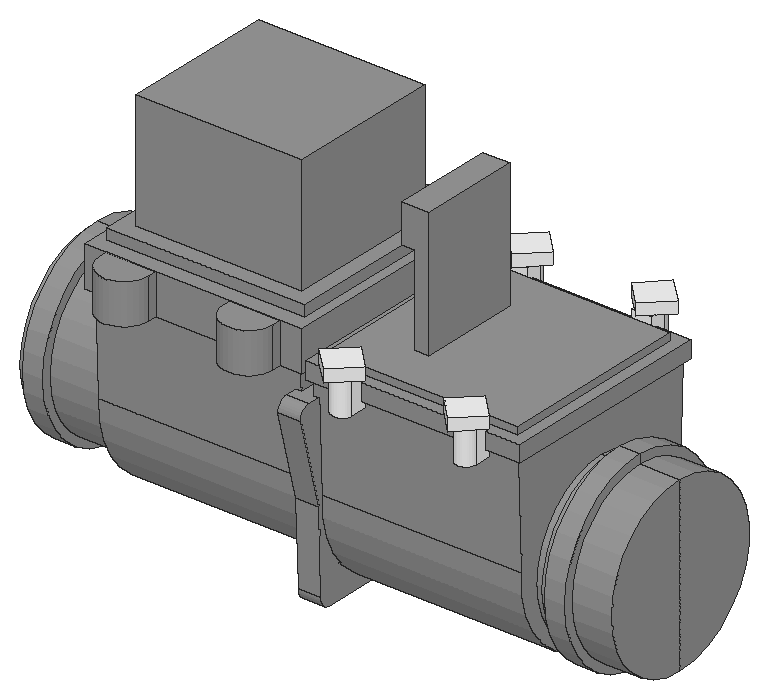
Revit family "HL_Механический канализационный затвор_HL715.2EPC", category Příslušenství trubek, Revit 2016
Family settings
  Typ součásti = Normální
  Kóta kulaté spojky = Použít průměr
  Číslo OmniClass = 23.65.55.14.21
  Nadpis OmniClass = Non-Return Valves for Liquid Services
  Založené na pracovní rovině = Ne
  Vždy vertikální = Ano
  Ořezat dutým tvarem při načtení = Ne
  Sdílené = Ne
Parameters
  РАЗМЕР = "DN160"
  ПРОПУСКНАЯ СПОСОБНОСТЬ [instance] = 0.0 m³/h
  ПРАВОВАЯ ИНФОРМАЦИЯ = "\"Copyright (©), design rights or any other intellectual property rights, shall be the exclusive property of HL Hutterer & Lechner GmbH. Modification is not allowed. Family has been watermarked.\""
  ПАДЕНИЕ ДАВЛЕНИЯ [instance] = 0.0 Pa
  НОМИНАЛЬНЫЙ ДИАМЕТР 2 = 160 mm
  НОМИНАЛЬНЫЙ ДИАМЕТР = 160 mm
  МАТЕРИАЛ = "ABS"
  ВЫСОТА МОНТАЖА = "355 mm"
  ВЕС = "8,3 kg"
  Výrobce = "HL Hutterer & Lechner GmbH"
  URL = "http://www.hutterer-lechner.com/en/products/catalog/roof-drains/HL715.2EPC.aspx"
  Description = "Anti flood valves"
  Model = "HL715.2EPC"
  Type Comments = "anti-flood valve DN160 with electronically controlled flap, additional stainless steel flap and manual blocking. With interface"
  Keynote = "HL715.2EPC"
  EAN = "9003076011643"
  Cena = 0
Types (2, lengths in mm): name | ПРАВОВАЯ ИНФОРМАЦИЯ | URL | Description | Type Comments
  (no name) | "\"Copyright (©), design rights or any other intellectual property rights, shall be the exclusive property of HL Hutterer & Lechner GmbH. Modification is not allowed. Family has been watermarked.\"" | "http://www.hutterer-lechner.com/en/products/catalog/roof-drains/HL715.2EPC.aspx" | "Anti flood valves" | "anti-flood valve DN160 with electronically controlled flap, additional stainless steel flap and manual blocking. With interface"
  HL_Механический канализационный затвор_HL715.2EPC | "\"Авторские права(©), права на дизайн или какие либо другие права интелектуальной собственности являются исключительной собственностью компании HL Hutterer & Lechner. Изменению не подлежит. Файл семейства с данными о прозводителе изделия защищен паролем с водяным знаком.\"" | "http://www.hutterer-lechner.com/ru/products/catalog/roof-drains/HL715.2EPC.aspx" | "Механический канализационный затвор" | "Механический магистральный канализационный затвор DN160 с электроприводной заслонкой, с дополнительной заслонкой из нержавеющей стали и ручным затвором . С возможностью подключения к компьютеру."
Reference planes
  plane 1 "Střed (vpředu/vzadu)": y = 0
  plane 2: z = 0
  plane 3 "Střed (vlevo/vpravo)": x = 0
Forms (mm)
  Sweep 1, solid, material "Plastic - Orange", detail levels fine
    path origin (323.75, 0, 124.666) x (1, 0, 0) y (0, 0, 1)
      loop
        line (101.5, -24) -> (-101.443, -24)
    profile origin (323.778, 0, 100.666) x (0, 0, -1) y (0, -1, 0)
      loop
        line (-0.5, 0) -> (-0.5, -101.455) -> (102.291, -97.866)
        arc (102.291, -97.866) -> (176.057, -71.881) -> (206.874, 0) r 97.308
        arc (206.874, 0) -> (176.057, 71.881) -> (102.291, 97.866) r 97.308
        line (102.291, 97.866) -> (-0.5, 101.455) -> (-0.5, 0)
  Extrusion 2, solid, material "Plastic - Orange", detail levels fine
    sketch origin (425.25, 0, 101.166) x (-1, 0, 0) y (0, -1, 0)
      loop
        line (-4.2, 105.7) -> (-4.2, -105.7) -> (207.2, -105.7) -> (207.2, 105.7) -> (-4.2, 105.7)
    from 0 to 16.5
  Extrusion 3, solid, material "Plastic - Orange", detail levels fine
    sketch origin (425.25, 0, 117.666) x (-1, 0, 0) y (0, -1, 0)
      loop
        line (196, -94.5) -> (196, 94.5) -> (7, 94.5) -> (7, -94.5) -> (196, -94.5)
    from 0 to 7
  Extrusion 4, solid, material "Plactic - White", detail levels fine
    sketch origin (323.75, 0, 124.666) x (1, 0, 0) y (0, 1, 0)
      loop
        line (71.5, -101.158) -> (51.5, -101.158) -> (51.5, -116.5)
        arc (51.5, -116.5) -> (61.5, -126.5) -> (71.5, -116.5) r 10
        line (71.5, -116.5) -> (71.5, -101.158)
    from -32 to 3.735
  Extrusion 5, solid, material "Plactic - White", detail levels fine
    sketch origin (323.75, 0, 128.401) x (1, 0, 0) y (0, 1, 0)
      loop
        line (84.127, -116.5) -> (61.5, -93.873) -> (38.873, -116.5) -> (61.5, -139.127) -> (84.127, -116.5)
    from 0 to 12
  Extrusion 6, solid, material "Plactic - White", detail levels fine
    sketch origin (200.75, 0, 124.666) x (1, 0, 0) y (0, 1, 0)
      loop
        line (71.5, -101.158) -> (51.5, -101.158) -> (51.5, -116.5)
        arc (51.5, -116.5) -> (61.5, -126.5) -> (71.5, -116.5) r 10
        line (71.5, -116.5) -> (71.5, -101.158)
    from -32 to 3.735
  Extrusion 7, solid, material "Plactic - White", detail levels fine
    sketch origin (200.75, 0, 128.401) x (1, 0, 0) y (0, 1, 0)
      loop
        line (84.127, -116.5) -> (61.5, -93.873) -> (38.873, -116.5) -> (61.5, -139.127) -> (84.127, -116.5)
    from 0 to 12
  Extrusion 8, solid, material "Plactic - White", detail levels fine
    sketch origin (323.75, 0, 124.666) x (1, 0, 0) y (0, 1, 0)
      loop
        line (71.5, 101.158) -> (71.5, 116.5)
        arc (71.5, 116.5) -> (61.5, 126.5) -> (51.5, 116.5) r 10
        line (51.5, 116.5) -> (51.5, 101.158) -> (71.5, 101.158)
    from -32 to 3.735
  Extrusion 9, solid, material "Plactic - White", detail levels fine
    sketch origin (323.75, 0, 128.401) x (1, 0, 0) y (0, 1, 0)
      loop
        line (84.127, 116.5) -> (61.5, 139.127) -> (38.873, 116.5) -> (61.5, 93.873) -> (84.127, 116.5)
    from 0 to 12
  Extrusion 10, solid, material "Plactic - White", detail levels fine
    sketch origin (200.75, 0, 124.666) x (1, 0, 0) y (0, 1, 0)
      loop
        line (71.5, 101.158) -> (71.5, 116.5)
        arc (71.5, 116.5) -> (61.5, 126.5) -> (51.5, 116.5) r 10
        line (51.5, 116.5) -> (51.5, 101.158) -> (71.5, 101.158)
    from -32 to 3.735
  Extrusion 11, solid, material "Plactic - White", detail levels fine
    sketch origin (200.75, 0, 128.401) x (1, 0, 0) y (0, 1, 0)
      loop
        line (84.127, 116.5) -> (61.5, 139.127) -> (38.873, 116.5) -> (61.5, 93.873) -> (84.127, 116.5)
    from 0 to 12
  Sweep 12, solid, material "Plastic - Orange", not visible, detail levels fine
    path origin (323.75, 0, 119.728) x (1, 0, 0) y (0, 0, 1)
      loop
        line (180, -58.4) -> (101.5, -58.4)
    profile origin (464.5, 0, 61.328) x (0, 0, -1) y (0, -1, 0)
      loop
        circle (80, 0) r 80
  Extrusion 13, solid, material "Plastic - Red", detail levels fine
    sketch origin (370.998, 0, 124.666) x (1, 0, 0) y (0, 0, 1)
      loop
        line (-76.248, 127) -> (-102.748, 127) -> (-102.748, 89) -> (-90.248, 89) -> (-90.248, 0) -> (-76.248, 0) -> (-76.248, 127)
    from -50 to 50
  Sweep 14, solid, material "Plastic - Orange", detail levels fine
    path origin (107.75, 0, 129.366) x (1, 0, 0) y (0, 0, 1)
      loop
        line (101.5, -24) -> (-101.443, -24)
    profile origin (107.778, 0, 105.366) x (0, 0, -1) y (0, -1, 0)
      loop
        line (-0.5, 0) -> (-0.5, -101.455) -> (99.02, -97.98)
        arc (99.02, -97.98) -> (171.687, -71.286) -> (201.874, 0) r 97.308
        arc (201.874, 0) -> (171.687, 71.286) -> (99.02, 97.98) r 97.308
        line (99.02, 97.98) -> (-0.5, 101.455) -> (-0.5, 0)
  Revolve 15, solid, material "Plastic - Orange", detail levels fine
    sketch origin (107.75, 0, 126.9) x (1, 0, 0) y (0, 0, 1)
      loop
        line (-189.5, -126.9) -> (-101.443, -126.9) -> (-101.443, -41.9) -> (-160.5, -41.9) -> (-160.5, -33.366) -> (-180.5, -33.366) -> (-180.5, -41.9) -> (-189.5, -41.9) -> (-189.5, -126.9)
      axis (-101.443, -126.9) -> (-189.5, -126.9)
    angle from 0 to 360
  Extrusion 16, solid, material "Plastic - Orange", detail levels fine
    sketch origin (211, 0, 129.366) x (0, 1, 0) y (0, 0, 1)
      loop
        line (-87.161, -233.82) -> (0, -233.82) -> (87.161, -233.82)
        arc (87.161, -233.82) -> (95.351, -230.428) -> (98.743, -222.239) r 11.581
        line (98.743, -222.239) -> (101.621, -139.82) -> (124.203, -54.55)
        arc (124.203, -54.55) -> (120.952, -46.701) -> (113.103, -43.45) r 11.1
        line (113.103, -43.45) -> (0, -43.45) -> (-113.103, -43.45)
        arc (-113.103, -43.45) -> (-120.952, -46.701) -> (-124.203, -54.55) r 11.1
        line (-124.203, -54.55) -> (-101.621, -139.82) -> (-98.743, -222.239)
        arc (-98.743, -222.239) -> (-95.351, -230.428) -> (-87.161, -233.82) r 11.581
    from -6.25 to 16
  Extrusion 17, solid, material "Plastic - Orange", detail levels fine
    sketch origin (209.25, 0, 105.866) x (-1, 0, 0) y (0, -1, 0)
      loop
        line (209.25, 107.75) -> (-6.25, 107.75) -> (-6.25, -107.75) -> (209.25, -107.75) -> (209.25, 107.75)
    from 0 to 40
  Extrusion 18, solid, material "Plastic - Orange", detail levels fine
    sketch origin (209.25, 0, 145.866) x (-1, 0, 0) y (0, -1, 0)
      loop
        line (199.474, 91.974) -> (3.526, 91.974) -> (3.526, -91.974) -> (199.474, -91.974) -> (199.474, 91.974)
    from 0 to 11
  Extrusion 19, solid, material "Plastic - Orange", detail levels fine
    sketch origin (209.25, 0, 156.866) x (-1, 0, 0) y (0, -1, 0)
      loop
        line (183.474, -75.974) -> (183.474, 75.974) -> (19.526, 75.974) -> (19.526, -75.974) -> (183.474, -75.974)
    from 0 to 116
  Extrusion 20, solid, material "Plastic - Orange", detail levels fine
    sketch origin (209.25, 0, 145.866) x (-1, 0, 0) y (0, -1, 0)
      loop
        arc (64.5, 116.497) -> (40, 140.997) -> (15.501, 116.497) r 24.5
        line (15.501, 116.497) -> (15.501, 107.75) -> (64.5, 107.75) -> (64.5, 116.497)
    from -40 to 0
  Extrusion 21, solid, material "Plastic - Orange", detail levels fine
    sketch origin (-90.75, 0, 145.866) x (-1, 0, 0) y (0, -1, 0)
      loop
        arc (-112.502, 116.497) -> (-137.001, 140.997) -> (-161.501, 116.497) r 24.5
        line (-161.501, 116.497) -> (-161.501, 107.75) -> (-112.502, 107.75) -> (-112.502, 116.497)
    from -40 to 0
  Extrusion 22, solid, material "Plastic - Orange", detail levels fine
    sketch origin (209.25, 0, 145.866) x (-1, 0, 0) y (0, -1, 0)
      loop
        line (64.5, -116.497) -> (64.5, -107.75) -> (15.501, -107.75) -> (15.501, -116.497)
        arc (15.501, -116.497) -> (40, -140.997) -> (64.5, -116.497) r 24.5
    from -40 to 0
  Extrusion 23, solid, material "Plastic - Orange", detail levels fine
    sketch origin (-90.75, 0, 145.866) x (-1, 0, 0) y (0, -1, 0)
      loop
        line (-112.502, -116.497) -> (-112.502, -107.75) -> (-161.501, -107.75) -> (-161.501, -116.497)
        arc (-161.501, -116.497) -> (-137.001, -140.997) -> (-112.502, -116.497) r 24.5
    from -40 to 0
  Revolve 24, solid, material "Plastic - Orange", detail levels fine
    sketch origin (624.75, 0, 108.228) x (1, 0, 0) y (0, 0, 1)
      loop
        line (-199.5, -126.9) -> (-121, -126.9) -> (-121, -41.9) -> (-160.5, -41.9) -> (-160.5, -33.366) -> (-180.5, -33.366) -> (-180.5, -41.9) -> (-189.5, -41.9) -> (-189.5, -46.9) -> (-199.5, -46.9) -> (-199.5, -126.9)
      axis (-121, -126.9) -> (-199.5, -126.9)
    angle from 0 to 360
Lines and regions (mm)
  model lines, style "Symbol", detail levels coarse+medium
    curve 1: line (0, 0, 0) -> (503.75, 0, -18.672)
    curve 2: line (376.875, 0, -69.336) -> (376.875, 0, 50.664)
    curve 3: line (376.875, 0, 50.664) -> (126.875, 0, 50.664)
    curve 4: line (126.875, 0, -69.336) -> (126.875, 0, 50.664)
    curve 13: line (376.875, 0, -69.336) -> (126.875, 0, -69.336)
  symbolic lines, style "Symbol", detail levels coarse+medium
    curve 5: line (503.75, 0, 0) -> (0, 0, 0)
    curve 6: line (376.875, -60, 0) -> (376.875, 60, 0)
    curve 7: line (376.875, 60, 0) -> (126.875, 60, 0)
    curve 8: line (126.875, -60, 0) -> (126.875, 60, 0)
    curve 9: line (251.875, -105, 0) -> (251.875, 105, 0)
    curve 10: line (376.875, -60, 0) -> (126.875, -60, 0)
  model lines, detail levels coarse+medium
    curve 11: line (251.875, 0, -9.336) -> (251.875, 0, 95.664)
    curve 12: line (251.875, 0, -114.336) -> (251.875, 0, -9.336)
Dimensions and locks
  aligned and locked: level to plane 2
Connectors
  piping at (0, 0, 0), diameter 160, driven by "ПАДЕНИЕ ДАВЛЕНИЯ", driven by "НОМИНАЛЬНЫЙ ДИАМЕТР", driven by "ПРОПУСКНАЯ СПОСОБНОСТЬ"
    settings: on plane 3 "Střed (vlevo/vpravo)", index 1, connector inside diameter 609.6 mm, connector length 0 mm, flow factor 0, pipe flow 0.0 m³/h, pressure drop 0.0 Pa, fitting loss kfactor 0, connector angle 0.00°, fixture units 0, engagement length 0 mm, angle of deflection 0.00°, flow configuration 0, flow direction 0, fitting loss method 4, system type 16, joint type 0, gender type 0, connector reference index -1, connector utility 0, adjustable connector no, is connector primary yes, connector description ""
  piping at (503.75, 0, -18.672), diameter 160, driven by "НОМИНАЛЬНЫЙ ДИАМЕТР 2", driven by "ПРОПУСКНАЯ СПОСОБНОСТЬ"
    settings: on Sweep 12, index 2, connector inside diameter 609.6 mm, connector length 0 mm, flow factor 0, pipe flow 0.0 m³/h, pressure drop 0.0 Pa, fitting loss kfactor 0, connector angle 0.00°, fixture units 0, engagement length 0 mm, angle of deflection 0.00°, flow configuration 1, flow direction 2, fitting loss method 4, system type 16, joint type 0, gender type 0, connector reference index -1, connector utility 0, adjustable connector no, is connector primary no, connector description ""
